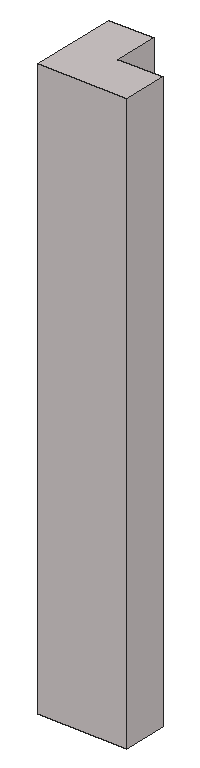
Revit family "Concrete L Shaped", category 기둥, Revit 2026
Family settings
  로드될 때 보이드를 사용하여 절단 = 아니오
  자동으로 형상을 벽에 결합합니다 = 예
  공유 = 아니오
  평면도에서 미리 절단된 패밀리 표시 = 예
Parameters (values of type "460 x 230 mm")
  Depth 2- = 230 mm
  Depth 1- = 460 mm
  Width = 460 mm
  Column Material = RCC
Reference planes
  plane 1 "Center (Front/Back)": y = 0
  plane 2: z = 0
  plane 3 "Center (Left/Right)": x = 0
  plane 4 "Left": x = -230
  plane 5 "Right": x = 230
  plane 6 "Back": y = 230
  plane 7 "Front": y = -230
Forms (mm)
  Extrusion 1, solid, material "RCC" <- "Column Material"
    sketch origin (0, 0, 0) x (1, 0, 0) y (0, 1, 0)
      loop
        line (-230, -230) -> (230, -230) -> (230, 0) -> (0, 0) -> (0, 230) -> (-230, 230) -> (-230, -230)
    from 0 to 3000
Lines and regions (mm)
  symbolic lines, style "Columns"
    curve 1: line (-230, -230, 0) -> (-230, 230, 0)
    curve 2: line (-230, 230, 0) -> (0, 230, 0)
    curve 3: line (0, 230, 0) -> (0, 0, 0)
    curve 4: line (0, 0, 0) -> (230, 0, 0)
    curve 5: line (230, 0, 0) -> (230, -230, 0)
    curve 6: line (230, -230, 0) -> (-230, -230, 0)
Dimensions and locks
  "Width": plane 4 "Left" to plane 5 "Right"
  "Depth 1-": plane 7 "Front" to plane 6 "Back"
  "Depth 2-": plane 4 "Left" to plane 3 "Center (Left/Right)"
  "Depth 2-": plane 7 "Front" to plane 1 "Center (Front/Back)"
  aligned and locked: level to Extrusion 1
Automatic sketch dimensions
  Extrusion 1 sketch curve to plane 4 "Left" = 0 mm
  Extrusion 1 sketch curve to plane 1 "Center (Front/Back)" = 0 mm
  Extrusion 1 sketch curve to plane 3 "Center (Left/Right)" = 0 mm
  Extrusion 1 sketch curve to plane 5 "Right" = 0 mm
  Extrusion 1 sketch curve to plane 7 "Front" = 0 mm
  Extrusion 1 sketch curve to plane 6 "Back" = 0 mm
  curve 1 to plane 4 "Left" = 0 mm
  curve 3 to plane 1 "Center (Front/Back)" = 0 mm
  curve 3 to plane 3 "Center (Left/Right)" = 0 mm
  curve 5 to plane 5 "Right" = 0 mm
  curve 1 to plane 7 "Front" = 0 mm
  curve 2 to plane 6 "Back" = 0 mm
